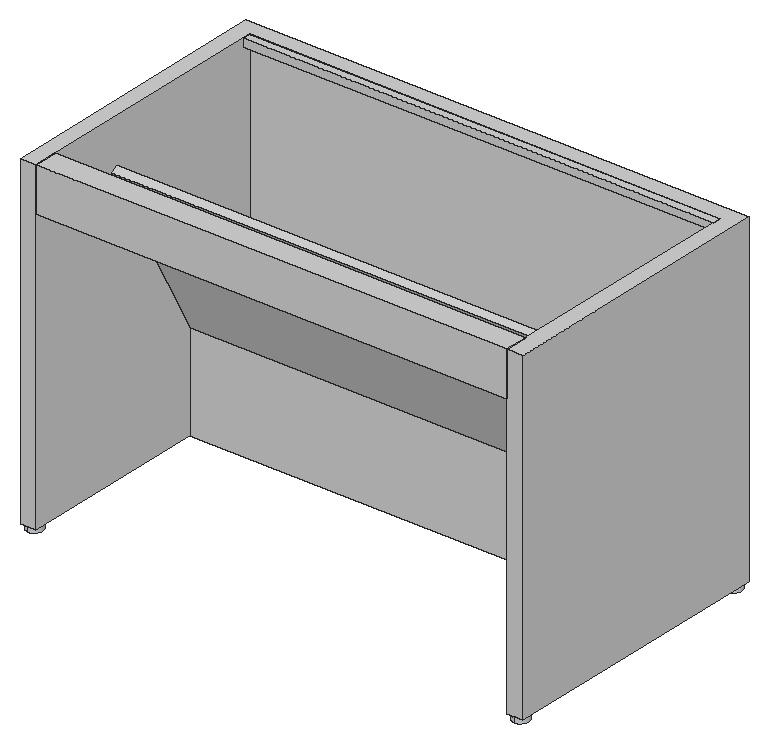
Revit family "Fixture_Cabinet-Danver-ADA_Sink_Base_Space", category Casework, Revit 2026
Family settings
  Classification Number = 23.40.35.11.11
  Work Plane-Based = No
  Always vertical = Yes
  Cut with Voids When Loaded = No
  Shared = No
  Room Calculation Point = No
Parameters (values of type "Not a Type - Load Type Catalog")
  Warranty URL = ""
  Version = "2019 - V1.0b"  # constant formula
  URL = "www.danver.com"
  Support Phone = "(224) 699-9545"  # constant formula
  Support Email = "mailto: support@bimsmith.com"
  Sink Width = if(Base Cabinet, Width - 0' 3", Width)  # 3' - 9"
  Sink Space = not(Base Cabinet)  # no
  Product Page URL = "https://danver.com/cabinetry/base-cabinets/sink-cabinets/"
  Product Name = if(Base Cabinet, "Fixture Cabinet - Danver - ADA Sink Base", "Fixture Cabinet - Danver - ADA Sink Space")  # "Fixture Cabinet - Danver - ADA Sink Base"
  Product Documentation Link = "https://danver.com/wp-content/uploads/2021/07/07_2021_Product_Specifications.pdf"
  Model = "Please Load Accompanying Type Catalog (txt.)"
  Manufacturer Phone Number = "203-699-6838"  # constant formula
  Manufacturer Email = "https://danver.com/contact-us/"
  Manufacturer Address = "One Grand Street, Wallingford, CT 06492"  # constant formula
  Manufacturer = "Danver Outdoor Kitchens"  # constant formula
  Instruction Sheet Link = ""
  Flat Drawer Material [instance] = Metal - Danver - Stainless Steel
  Door Material [instance] = Metal - Danver - Stainless Steel
  Description = "Please Load Accompanying Type Catalog (txt.)"
  Default Elevation = 0' - 0"
  Copyright = "©2021 Danver Outdoor Kitchens"  # constant formula
  Construction Type = "304 Grade Stainless Steel"
  Base Cabinet = yes
  Assembly Code = ""
  Cabinet Material = Metal - Danver - Stainless Steel
  Depth = 2' - 3"
  Handle Material = Metal - Danver - Chrome Plated Steel
  Height = 2' - 7 1/4"  # constant formula
  Toe Height = 0' - 0 29/64"  # constant formula
  Width = 4' - 0"
Reference planes (in)
  plane 1 "Back": y = 0
  plane 2: z = -0.125
  plane 3 "Center": x = 0.7377
  plane 4 "Left": x = -23.2623
  plane 5 "Right": x = 24.7377
  plane 6 "Front": y = -27
  plane 7 "Top": z = 31.57812
  plane 8: y = -25.5
  plane 9: z = 0.32812
  plane 10: z = 30.82812
  plane 11: z = 1.07812
  plane 12: x = -21.7623
  plane 13: x = 23.2377
  plane 14: z = 31.51562
  plane 15: y = -24.75
  plane 16: y = -0.75
  plane 17: y = -26.25
  plane 18 "grill depth": z = 20.57812
  plane 19: y = -18.07
  plane 20: z = 3.07812
  plane 21: z = 20.45312
  plane 22: z = 9.57812
  plane 23: z = 19.82812
  plane 24 "top of counter": z = 32.82812
  plane 25: z = 31.57812
  plane 26: z = 27.32812
  plane 27: y = -8.62
  plane 28: x = -22.5123
  plane 29: x = 23.9877
  plane 30: z = 27.32812
  plane 31: y = -7.87
Forms (in)
  Extrusion 1, solid, material "Metal - Danver - Stainless Steel" <- "Cabinet Material"
    sketch origin (0.7377, 0, 0) x (0, 1, 0) y (0, 0, 1)
      loop
        line (-24.75, 31.57812) -> (-27, 31.57812) -> (-27, 27.32812) -> (-26.25, 27.32812) -> (-26.25, 30.82812) -> (-24.75, 30.82812) -> (-24.75, 31.57812)
      loop
        line (-2.25, 31.57812) -> (-2.25, 30.82812) -> (-1.5, 30.82812) -> (-1.5, 31.57812) -> (-2.25, 31.57812)
    from -22.5 to 22.5
  Extrusion 2, solid, material "Metal - Danver - Stainless Steel" <- "Cabinet Material"
    sketch origin (0.7377, 0, 0) x (0, 1, 0) y (0, 0, 1)
      loop
        line (-7.87, 0.32812) -> (-7.87, 9.76859) -> (-17.412, 27.34425) -> (-18.07113, 26.9864) -> (-8.62, 9.57812) -> (-8.62, 0.32812) -> (-7.87, 0.32812)
    from -22.5 to 22.5
  Extrusion 3, solid, material "Metal - Danver - Stainless Steel" <- "Cabinet Material", visible <- "Base Cabinet"
    sketch origin (0, 0, -0.125) x (1, 0, 0) y (0, 1, 0)
      loop
        line (-23.2623, 0) -> (-23.2623, -27) -> (-21.7623, -27) -> (-21.7623, -1.5) -> (23.2377, -1.5) -> (23.2377, -27) -> (24.7377, -27) -> (24.7377, 0) -> (-23.2623, 0)
    from 0.45313 to 31.70313
Dimensions and locks (in)
  "Depth": plane 6 "Front" to plane 1 "Back"
  "Width": plane 4 "Left" to plane 5 "Right"
  equal spacing: plane 4 "Left", plane 3 "Center", plane 5 "Right"
  plane 6 "Front" to plane 8 = 0' - 1 1/2"
  locked: plane 7 "Top" to plane 10 at 0.75
  locked: plane 11 to plane 9 at 0.75
  locked: plane 7 "Top" to plane 14 at 0.0625
  locked: plane 6 "Front" to plane 15 at 2.25
  locked: plane 6 "Front" to plane 17 at 0.75
  locked: plane 20 to plane 9 at 2.75
  locked: plane 23 to plane 18 "grill depth" at 0.75
  plane 18 "grill depth" to plane 25 = 0' - 11"
  plane 25 to plane 24 "top of counter" = 0' - 1 1/4"
  locked: plane 6 "Front" to plane 27 at 18.38
  "Toe Height": plane 9 to level
  "Height": plane 25 to plane 9
  locked: plane 18 "grill depth" to plane 21 at 0.125
  locked: plane 16 to plane 1 "Back" at 0.75
  locked: plane 30 to plane 25 at 4.25
  locked: plane 6 "Front" to plane 19 at 8.93
  locked: plane 31 to plane 27 at 0.75
  locked: plane 22 to plane 9 at 9.25
  locked: plane 26 to plane 25 at 4.25
  locked: Extrusion 2 sketch curve to Extrusion 2 sketch curve at 0.75
  locked: plane 4 "Left" to plane 28 at 0.75
  locked: plane 29 to plane 5 "Right" at 0.75
  equal spacing: plane 12, plane 3 "Center", plane 13
  "Sink Width": plane 12 to plane 13
  locked: plane 4 "Left" to Extrusion 3 sketch curve at 1.5
  locked: Extrusion 3 sketch curve to plane 5 "Right" at 1.5
  locked: Extrusion 3 sketch curve to plane 1 "Back" at 1.5
  aligned and locked: nested 2 to plane 28
  aligned and locked: nested 4 to plane 28
  aligned and locked: nested 1 to plane 29
  aligned and locked: nested 3 to plane 29
  aligned and locked: plane 17 to nested 3
  aligned and locked: plane 17 to nested 2
  aligned and locked: nested 4 to plane 16
  aligned and locked: plane 16 to nested 1
  aligned and locked: plane 25 to Extrusion 1 sketch curve
  aligned and locked: Extrusion 1 sketch curve to plane 10
  aligned and locked: Extrusion 1 sketch curve to plane 25
  aligned and locked: Extrusion 1 sketch curve to plane 15
  aligned and locked: plane 10 to Extrusion 1 sketch curve
  aligned and locked: Extrusion 1 sketch curve to plane 17
  aligned and locked: plane 6 "Front" to Extrusion 1 sketch curve
  aligned and locked: Extrusion 1 sketch curve to plane 30
  aligned and locked: Extrusion 2 sketch curve to plane 9
  aligned and locked: Extrusion 2 sketch curve to plane 31
  aligned and locked: plane 27 to Extrusion 2 sketch curve
  aligned and locked: plane 22 to Extrusion 2 sketch curve
  aligned and locked: Extrusion 3 sketch curve to plane 6 "Front"  (x2)
  aligned and locked: Extrusion 3 sketch curve to plane 5 "Right"
  aligned and locked: plane 1 "Back" to Extrusion 3 sketch curve
  aligned and locked: plane 4 "Left" to Extrusion 3 sketch curve
  aligned and locked: plane 12 to Extrusion 2
  aligned and locked: plane 12 to Extrusion 1
  aligned and locked: Extrusion 1 to plane 13
  aligned and locked: Extrusion 2 to plane 13
  aligned and locked: Extrusion 3 to plane 25
  aligned and locked: plane 9 to Extrusion 3
Automatic sketch dimensions
  Extrusion 2 sketch curve to plane 26 = 0' - 0.01612"
  Extrusion 2 sketch curve to plane 19 = 0' - 0.658"
  Extrusion 1 sketch curve to Extrusion 1 sketch curve = 0' - 0 3/4"
  plane 16 to Extrusion 1 sketch curve = 0' - 1 1/2"
Nested families (in)
  nested 1: "Foot Standard" at (23.9877, -0.75, -0.125) x (0, -1, 0) z (0, 0, 1), visible <- "Base Cabinet", type "Foot Standard"
  nested 2: "Foot Standard" at (-22.5123, -26.25, -0.125) x (0, 1, 0) z (0, 0, 1), visible <- "Base Cabinet", type "Foot Standard"
  nested 3: "Foot Standard" at (23.9877, -26.25, -0.125) x (0, 1, 0) z (0, 0, 1), visible <- "Base Cabinet", type "Foot Standard"
  nested 4: "Foot Standard" at (-22.5123, -0.75, -0.125) x (0, -1, 0) z (0, 0, 1), visible <- "Base Cabinet", type "Foot Standard"
Definition of nested family "Foot Standard"
  Parameters (values of type "Foot Standard")
    Default Elevation = 0' - 0"
  Reference planes (in)
    plane 1 "Center (Front/Back)": y = 0
    plane 2: z = 0
    plane 3 "Center (Left/Right)": x = 0
    plane 4: z = 0.455
  Forms (in)
    Extrusion 1, solid
      sketch origin (0, 0, 0) x (1, 0, 0) y (0, 1, 0)
        loop
          circle (0, 0) r 0.75
      from 0 to 0.455
  Dimensions and locks (in)
    locked: plane 4 to plane 2 at 0.455
    aligned and locked: plane 2 to level
    aligned and locked: plane 4 to Extrusion 1
